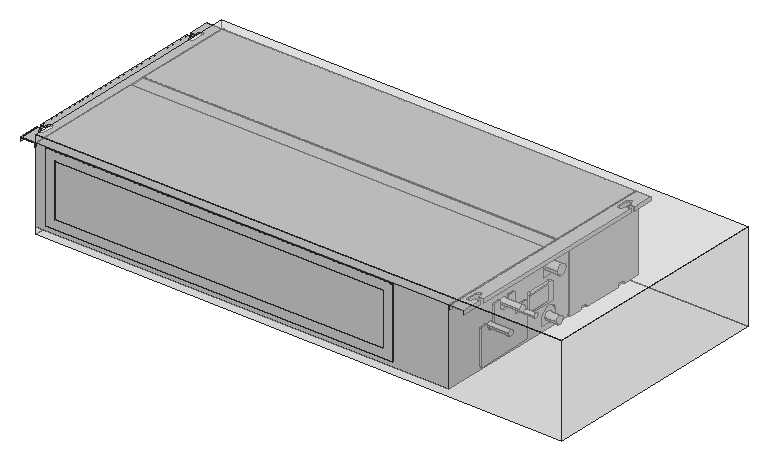
Revit family "outputfile", category 機械設備, Revit 2024
Family settings
  丸型コネクタ寸法 = 半径を使用
  パーツ タイプ = 標準
  OmniClass 番号 = 23.75.10.24.21.27.27
  OmniClass タイトル = Split System Air Conditioning Units
  作業面ベース = いいえ
  常に垂直 = はい
  ロード時にボイドで切り取り = いいえ
  注釈の向きを維持 = いいえ
  共有 = いいえ
  部屋計算ポイント = はい
Parameters (values of type "FPRAQ63APVM")
  Description = ""
  製造元 = "Daikin"
  書き出し IFC クラス(タイプ) = "IfcUnitaryEquipmentType"
  定義済み IFC タイプ(タイプ) = "AIRCONDITIONINGUNIT"
  Cost = 0
  モデル = "FPRAQ63APVM"
  Type Comments = ""
  Keynote = ""
  Type Image = (empty or 0)
  Assembly Code = ""
  r_HP/LP Gas Pipe Size = [HP/LP Gas Pipe Size] / 2  # 6.35 mm
  lw_suctionflange = 40.0 mm  # constant formula
  r_Liquid Pipe Size = Liquid Pipe Size / 2  # 4.75 mm
  r_Gas Pipe Size = Gas Pipe Size / 2  # 7.95 mm
  r_Drain Pipe Size = Drain Pipe Size / 2  # 13.0 mm
  lw_dischargeflange = 60.0 mm
  lw_SA_left = 551.0 mm
  lw_SA = Width - 178.0 mm  # 922.0 mm
  lw_RA = 1018.0 mm
  lw_HP/LP Gas = 60.0 mm  # constant formula
  lh_suctionflange [instance] = if(Rear Connection_Return Air, -100.0 mm, -10.0 mm)  # -100.0 mm
  lh_power = 100.0 mm  # constant formula
  lh_mountinghole1 = lh_mountinghole  # 200.0 mm
  lh_dischargeflange = 105.5 mm  # constant formula
  lh_RA = 198.0 mm  # constant formula
  lh_HP/LP Gas = -103.0 mm  # constant formula
  left_pipe = yes
  ld_dischargeflange = 310.0 mm  # constant formula
  ld_suctionflange [instance] = if(Rear Connection_Return Air, 190.0 mm, 100.0 mm)  # 190.0 mm
  ld_HP/LP Gas = 179.0 mm  # constant formula
  angle_vertical_RA [instance] = if(Rear Connection_Return Air, 90.00°, 0.00°)  # 90.00°
  angle horizontal_RA [instance] = if(Rear Connection_Return Air, 180.00°, 270.00°)  # 180.00°
  Voltage_comment_60Hz = "220-230"
  Voltage_comment_50Hz = "220 - 240"
  Voltage_60Hz = 220 V
  Voltage_50Hz = 230 V
  URL = ""
  Supply Air Direction [instance] = yes
  Sound Power Level_H speed (dB) = 0
  Rear Connection_Return Air [instance] = not(Bottom Connection_Return Air)  # yes
  ld_RA = 190.0 mm  # constant formula
  Phase_60Hz = 1
  Phase_50Hz = 1
  Minimum External Static Pressure = 0.00 Pa
  Minimum Circuit Amps_60Hz = 0.75 A
  Minimum Circuit Amps_50Hz = 0.75 A
  Maximum Fuse Amps_60Hz = 16.0 A
  Maximum Fuse Amps_50Hz = 16.0 A
  Maximum External Static Pressure = 10.00 Pa
  Material_Casing = DAIKIN_GalvanizedSteel_Casing_indoorunit
  lw_mountinghole = 1140.0 mm
  lh_gaspipe = -67.0 mm  # constant formula
  lh_mountinghole = 200.0 mm  # constant formula
  lh_liquidpipe = -103.0 mm  # constant formula
  lh_drainpipe = -50.0 mm  # constant formula
  lh_antena = 1.0 mm  # constant formula
  ld_drainpipe = 23.0 mm  # constant formula
  ld_liquidpipe = 89.0 mm  # constant formula
  ld_gaspipe = 134.0 mm  # constant formula
  ld_mountinghole = 500.0 mm  # constant formula
  h*** = 100.0 mm  # constant formula
  lw_liquidpipe = 54.5 mm  # constant formula
  lw_gaspipe = 54.5 mm  # constant formula
  lw_drainpipe = 33.0 mm  # constant formula
  Width = 1100.0 mm
  Version = "ver.1.0"
  Unit Type = "Moisture Control 3D Air Flow Ceiling Mounted Duct Type"
  Unit Mass Weight = 32.00 kg
  Unit Designation [instance] = ""
  Uniclass2015Version = "Products v1.30"
  Uniclass2015Title = "Variable refrigerant flow units"
  Uniclass2015Code = "Pr_70_65_03_94"
  Total Cooling Capacity [instance] = 0.000 kW
  Sound Pressure Level_M speed (dBA) = 33
  Sound Pressure Level_L speed (dBA) = 31
  Sound Pressure Level_H speed (dBA) = 37
  Series = "VRV HOME_Fan Coil Unit"
  Sensible Cooling Capacity [instance] = 0.000 kW
  SA Duct Size Width = 856.0 mm
  SA Duct Size Height = 141.0 mm
  Refrigerant Type = "R410A"
  RA Duct Size Width = 980.0 mm
  RA Duct Size Height = 160.0 mm
  Power Input (Cooling) = 0.072 kW
  Option Accessory 3 [instance] = ""
  Option Accessory 2 [instance] = ""
  Option Accessory 1 [instance] = ""
  Nominal Cooling Capacity = 7.100 kW
  Minimum Airflow = 780.00 m³/h
  Median Airflow = 900.00 m³/h
  Maximum Airflow = 1050.00 m³/h
  Load Classification = HVAC
  Liquid Pipe Size = 9.5 mm
  Link_Nested Family [instance] = ""
  IfcVersion = ""
  IfcExportType = "AIRCONDITIONINGUNIT"
  IfcExportAs = "IfcUnitaryEquipmentType"
  Height = 200.0 mm
  Heat Exchanger Type = "Cross Fin Coil"
  HP/LP Gas Pipe Size = 12.7 mm
  Gas Pipe Size = 15.9 mm
  Frequency_60Hz = 60 Hz
  Frequency_50Hz = 50 Hz
  Fan Type = "Sirocco Fan"
  Fan Drive = "Direct Drive"
  FCU Tag No. [instance] = ""
  Drain Pipe Size = 26.0 mm
  Design Supply Airflow [instance] = 0.00 m³/h
  Design Return Airflow [instance] = 0.00 m³/h
  Design External Static Pressure [instance] = 0.00 Pa
  Depth = 620.0 mm
  既定の高さ = 0.0 mm
  Cooling Entering Wet Bulb Temperature [instance] = 0.00 °C
  Cooling Entering Dry Bulb Temperature [instance] = 0.00 °C
  Cooling Ambient Wet Bulb Temperature [instance] = 0.00 °C
  Cooling Ambient Dry Bulb Temperature [instance] = 0.00 °C
  Clearance visibility [instance] = yes
  Clearance Top = 20.0 mm
  Clearance Right = 300.0 mm
  Clearance Rear = 0.0 mm
  Clearance Left = 0.0 mm
  Clearance Front = 0.0 mm
  Clearance Bottom = 20.0 mm
  Bottom Connection_Return Air [instance] = no
Reference planes
  plane 1 "Center (Front/Back)": y = 0
  plane 2 "h": z = 0
  plane 3 "Center (Left/Right)": x = 0
  plane 4 "Back": y = 310
  plane 5 "Front": y = -310
  plane 6 "Left": x = -550
  plane 7 "Reight": x = 550
  plane 8 "Top": z = 0
  plane 9 "Bottom": z = -200
  plane 10: z = 1.2
  plane 11: z = -2
  plane 12: y = -136.255
  plane 13: y = -88.831
  plane 14: x = -370
  plane 15 "lh_mountinghole": z = 0
  plane 16: z = -50
  plane 17: y = -250
  plane 18: y = 250
  plane 19 "ld_liquidpipe": y = -89
  plane 20 "ld_gaspipe": y = -134
  plane 21: y = -215
  plane 22 "ld_drainpipe": y = 23
  plane 23: x = -570
  plane 24: x = -550
  plane 25: x = 548.7
  plane 26: x = 583
  plane 27: x = 557
  plane 28: x = 560
  plane 29: x = 558
  plane 30: x = 570
  plane 31: y = 20
  plane 32: x = 580
  plane 33: x = 548
  plane 34: y = 310
  plane 35: y = -310
  plane 36: x = -550
  plane 37: x = 850
  plane 38: z = 20
  plane 39: z = -220
  plane 40: y = 335
  plane 41: z = -198
  plane 42: z = 205.102
  plane 43 "d_liquid_pipe": x = 604.5
  plane 44 "d_gas_pipe": x = 604.5
  plane 45 "ld_SA": y = -310
  plane 46: x = -350
  plane 47: x = -60
  plane 48: y = 500
  plane 49: z = -94.5
  plane 50: x = -549
  plane 51: z = -199
  plane 52: z = -1
  plane 53: y = 120
  plane 54: y = 110
  plane 55: z = -10
  plane 56 "RA_width": x = -40
  plane 57: y = 210
  plane 58 "RA_depth": y = 120
  plane 59: z = -100
  plane 60: x = -349
  plane 61: y = 309
  plane 62: x = 441.57
  plane 63: z = -30
  plane 64 "ld_HP/LP Gas": y = -179
  plane 65: x = 610
  plane 66: x = 530.5
  plane 67: y = 260.8
  plane 68 "h115": z = -84.79
  plane 69: y = 194.79
Forms (mm)
  Extrusion 1, solid, material "DAIKIN_GalvanizedSteel_Casing_indoorunit" <- "Material_Casing"
    sketch origin (0, 0, 0) x (1, 0, 0) y (0, 1, 0)
      loop
        line (-550, 310) -> (-550, -310) -> (550, -310) -> (550, 310) -> (-550, 310)
    from -200 to 0
  Extrusion 2, solid, material "DAIKIN_GalvanizedSteel_Casing_indoorunit" <- "Material_Casing"
    sketch origin (0, 0, 0) x (0, 1, 0) y (0, 0, 1)
      loop
        arc (22.012, -86.909) -> (21.133, -84.787) -> (19.012, -83.909) r 3
        line (19.012, -83.909) -> (-47.992, -83.909)
        arc (-47.992, -83.909) -> (-50.114, -84.788) -> (-50.992, -86.91) r 3
        line (-50.992, -86.91) -> (-50.992, -128.409)
        arc (-50.992, -128.409) -> (-50.114, -130.53) -> (-47.992, -131.409) r 3
        line (-47.992, -131.409) -> (19.012, -131.409)
        arc (19.012, -131.409) -> (21.133, -130.53) -> (22.012, -128.409) r 3
        line (22.012, -128.409) -> (22.012, -86.909)
    from 550 to 560
  Extrusion 3, void
    sketch origin (0, 0, 0) x (1, 0, 0) y (0, 1, 0)
      loop
        line (548.7, 48.53) -> (-550, 48.53) -> (-550, 6.27) -> (548.7, 6.27) -> (548.7, 48.53)
    from -2 to 0
  Extrusion 4, void
    sketch origin (0, 0, 0) x (0, 1, 0) y (0, 0, 1)
      loop
        line (-138.492, -87.409) -> (-138.492, -127.909) -> (9.612, -127.909) -> (9.612, -87.409) -> (-138.492, -87.409)
    from 558 to 560
  Extrusion 5, solid, material "DAIKIN_GalvanizedSteel_Casing_indoorunit" <- "Material_Casing"
    sketch origin (0, 0, 0) x (0, 1, 0) y (0, 0, 1)
      loop
        circle (20, -170) r 10
    from 550 to 580
  Extrusion 6, solid, material "DAIKIN_GalvanizedSteel_Casing_indoorunit" <- "Material_Casing"
    sketch origin (0, 0, 0) x (0, 1, 0) y (0, 0, 1)
      loop
        circle (23, -50) r 13
    from 548 to 583
  Extrusion 7, void
    sketch origin (0, 0, 0) x (0, 1, 0) y (0, 0, 1)
      loop
        arc (2.051, -70.461) -> (3.512, -73.988) -> (7.039, -75.449) r 4.988
        line (7.039, -75.449) -> (38.961, -75.449)
        arc (38.961, -75.449) -> (42.488, -73.988) -> (43.949, -70.461) r 4.988
        line (43.949, -70.461) -> (43.949, -34.039)
        arc (43.949, -34.039) -> (42.488, -30.512) -> (38.961, -29.051) r 4.988
        line (38.961, -29.051) -> (7.039, -29.051)
        arc (7.039, -29.051) -> (3.512, -30.512) -> (2.051, -34.039) r 4.988
        line (2.051, -34.039) -> (2.051, -70.461)
      loop
        arc (44.442, -169.501) -> (20.002, -145.061) -> (-4.438, -169.501) r 24.44
        line (-4.438, -169.501) -> (-4.438, -189.537) -> (44.442, -189.537) -> (44.442, -169.501)
    from 548 to 550
  Extrusion 8, solid
    sketch origin (0, 0, 0) x (0, 1, 0) y (0, 0, 1)
      loop
        circle (-89, -103) r 4.75
    from 550 to 604.5
  Extrusion 9, solid
    sketch origin (0, 0, 0) x (0, 1, 0) y (0, 0, 1)
      loop
        circle (-134, -67) r 7.95
    from 550 to 604.5
  Extrusion 10, solid, material "DAIKIN_GalvanizedSteel_Casing_indoorunit" <- "Material_Casing"
    sketch origin (0, 0, 0) x (1, 0, 0) y (0, 1, 0)
      loop
        circle (530.5, 260.8) r 17.5
    from -198 to -200
  Extrusion 11, void
    sketch origin (0, 0, 0) x (1, 0, 0) y (0, 0, 1)
      loop
        line (-549, -1) -> (-549, -199) -> (469, -199) -> (469, -1) -> (-549, -1)
    from -310 to -120
  Extrusion 12, void
    sketch origin (0, 0, 0) x (1, 0, 0) y (0, 1, 0)
      loop
        line (-549, 309) -> (-549, 111) -> (469, 111) -> (469, 309) -> (-549, 309)
    from -200 to -10
  Extrusion 13, solid, material "DAIKIN_GalvanizedSteel_Casing_indoorunit" <- "Material_Casing", visible <- "Rear Connection_Return Air"
    sketch origin (0, 0, 0) x (1, 0, 0) y (0, 1, 0)
      loop
        line (469, 309) -> (-549, 309) -> (-549, 111) -> (469, 111) -> (469, 309)
    from -200 to -199
  Extrusion 14, solid, material "DAIKIN_GalvanizedSteel_Casing_indoorunit" <- "Material_Casing", visible <- "Bottom Connection_Return Air"
    sketch origin (0, 0, 0) x (1, 0, 0) y (0, 0, 1)
      loop
        line (469, -1) -> (-549, -1) -> (-549, -199) -> (469, -199) -> (469, -1)
    from -310 to -300
  Extrusion 15, solid
    sketch origin (0, 0, 0) x (0, 1, 0) y (0, 0, 1)
      loop
        circle (-179, -103) r 6.35
    from 550 to 610
  Extrusion 16, solid, material "DAIKIN_GalvanizedSteel_Casing_indoorunit" <- "Material_Casing"
    sketch origin (0, 0, 0) x (0, 1, 0) y (0, 0, 1)
      loop
        arc (83.953, -195.012) -> (84.829, -197.128) -> (86.945, -198.005) r 2.993
        line (86.945, -198.005) -> (116.373, -198.005)
        arc (116.373, -198.005) -> (118.489, -197.128) -> (119.366, -195.012) r 2.993
        line (119.366, -195.012) -> (119.366, -188.29)
        arc (119.366, -188.29) -> (120.862, -186.794) -> (122.359, -188.29) r 1.496
        line (122.359, -188.29) -> (122.359, -190.333) -> (137.322, -190.333) -> (137.322, -188.29)
        arc (137.322, -188.29) -> (138.818, -186.794) -> (140.315, -188.29) r 1.496
        line (140.315, -188.29) -> (140.315, -195.012)
        arc (140.315, -195.012) -> (141.191, -197.128) -> (143.307, -198.005) r 2.993
        line (143.307, -198.005) -> (241.068, -198.005)
        arc (241.068, -198.005) -> (243.185, -197.128) -> (244.061, -195.012) r 2.993
        line (244.061, -195.012) -> (244.061, -188.29)
        arc (244.061, -188.29) -> (245.558, -186.794) -> (247.054, -188.29) r 1.496
        line (247.054, -188.29) -> (247.054, -190.333) -> (262.017, -190.333) -> (262.017, -188.29)
        arc (262.017, -188.29) -> (263.514, -186.794) -> (265.01, -188.29) r 1.496
        line (265.01, -188.29) -> (265.01, -195.012)
        arc (265.01, -195.012) -> (265.887, -197.128) -> (268.003, -198.005) r 2.993
        line (268.003, -198.005) -> (310, -198.005) -> (310, -22.445) -> (280.969, -22.445) -> (277.477, -25.937) -> (207.648, -25.937) -> (204.157, -22.445) -> (86.945, -22.445)
        arc (86.945, -22.445) -> (84.829, -23.322) -> (83.953, -25.438) r 2.993
        line (83.953, -25.438) -> (83.953, -195.012)
      loop
        arc (-116.44, -57.656) -> (-118.563, -58.535) -> (-119.443, -60.659) r 3.003
        line (-119.443, -60.659) -> (-119.443, -71.5)
        arc (-119.443, -71.5) -> (-134, -86.057) -> (-148.557, -71.5) r 14.557
        line (-148.557, -71.5) -> (-148.557, -60.659)
        arc (-148.557, -60.659) -> (-149.437, -58.535) -> (-151.56, -57.656) r 3.003
        line (-151.56, -57.656) -> (-164.073, -57.656)
        arc (-164.073, -57.656) -> (-166.196, -58.535) -> (-167.076, -60.659) r 3.003
        line (-167.076, -60.659) -> (-167.076, -103)
        arc (-167.076, -103) -> (-179.13, -115.055) -> (-191.185, -103) r 12.055
        line (-191.185, -103) -> (-191.185, -98.897)
        arc (-191.185, -98.897) -> (-192.064, -96.774) -> (-194.188, -95.894) r 3.003
        line (-194.188, -95.894) -> (-208.202, -95.894)
        arc (-208.202, -95.894) -> (-210.325, -96.774) -> (-211.205, -98.897) r 3.003
        line (-211.205, -98.897) -> (-211.205, -189.537) -> (-58.882, -189.537) -> (-58.882, -98.897)
        arc (-58.882, -98.897) -> (-59.762, -96.774) -> (-61.885, -95.894) r 3.003
        line (-61.885, -95.894) -> (-74.026, -95.894)
        arc (-74.026, -95.894) -> (-76.15, -96.774) -> (-77.029, -98.897) r 3.003
        line (-77.029, -98.897) -> (-77.029, -103)
        arc (-77.029, -103) -> (-88.977, -114.948) -> (-100.924, -103) r 11.948
        line (-100.924, -103) -> (-100.924, -60.659)
        arc (-100.924, -60.659) -> (-101.804, -58.535) -> (-103.927, -57.656) r 3.003
        line (-103.927, -57.656) -> (-116.44, -57.656)
    from 550 to 557
  Revolve 17, solid, material "DAIKIN_GalvanizedSteel_Casing_indoorunit" <- "Material_Casing", visible <- "left_pipe"
    sketch origin (0, 0, -84.79) x (0, 1, 0) y (-1, 0, 0)
      loop
        line (194.79, 550) -> (194.79, 565.7) -> (187.29, 565.7) -> (187.29, 558.7) -> (177.29, 558.7) -> (177.29, 550) -> (194.79, 550)
      axis (194.79, 565.7) -> (194.79, 550)
    angle from 0 to 360
Cuts and joins
  Extrusion 3, Extrusion 4, Extrusion 7, Extrusion 11, Extrusion 12 cuts Extrusion 1
  Extrusion 4 cuts Extrusion 2
  Extrusion 11 cuts Extrusion 6
Dimensions and locks
  "Height": plane 8 "Top" to plane 9 "Bottom"
  locked: plane 10 to plane 8 "Top" at 1.2
  locked: plane 8 "Top" to plane 11 at 2
  equal spacing: plane 17, plane 1 "Center (Front/Back)", plane 18
  "ld_mountinghole": plane 17 to plane 18
  "ld_gaspipe": plane 20 "ld_gaspipe" to plane 1 "Center (Front/Back)"
  "ld_liquidpipe": plane 19 "ld_liquidpipe" to plane 1 "Center (Front/Back)"
  equal spacing: plane 4 "Back", plane 1 "Center (Front/Back)", plane 5 "Front"
  "Depth": plane 4 "Back" to plane 5 "Front"
  locked: plane 12 to plane 1 "Center (Front/Back)" at 136.255
  locked: plane 12 to plane 13 at 47.425
  locked: plane 13 to plane 1 "Center (Front/Back)" at 88.831
  equal spacing: plane 6 "Left", plane 3 "Center (Left/Right)", plane 7 "Reight"
  "Width": plane 6 "Left" to plane 7 "Reight"
  "lw_drainpipe": plane 7 "Reight" to plane 26
  locked: plane 7 "Reight" to plane 27 at 7
  locked: plane 28 to plane 26 at 23
  locked: plane 29 to plane 26 at 25
  equal spacing: plane 23, plane 3 "Center (Left/Right)", plane 30
  "lw_mountinghole": plane 23 to plane 30
  locked: plane 7 "Reight" to plane 32 at 30
  locked: plane 33 to plane 7 "Reight" at 2
  "Clearance Left": plane 36 to plane 6 "Left"
  "Clearance Right": plane 7 "Reight" to plane 37
  "Clearance Rear": plane 34 to plane 4 "Back"
  "Clearance Front": plane 5 "Front" to plane 35
  "Clearance Top": plane 38 to plane 8 "Top"
  "Clearance Bottom": plane 9 "Bottom" to plane 39
  locked: plane 40 to plane 4 "Back" at 25
  locked: plane 25 to plane 7 "Reight" at 1.3
  locked: plane 41 to plane 9 "Bottom" at 2
  "lw_liquidpipe": plane 7 "Reight" to plane 43 "d_liquid_pipe"
  "lw_gaspipe": plane 7 "Reight" to plane 44 "d_gas_pipe"
  "lh_mountinghole": plane 15 "lh_mountinghole" to plane 9 "Bottom"
  "ld_suctionflange": plane 48 to plane 4 "Back"
  "lw_dischargeflange": plane 47 to plane 3 "Center (Left/Right)"
  "lh_dischargeflange": plane 49 to plane 9 "Bottom"
  locked: plane 8 "Top" to plane 52 at 1
  locked: plane 50 to plane 6 "Left" at 1
  locked: plane 51 to plane 9 "Bottom" at 1
  locked: plane 55 to plane 9 "Bottom" at 190
  locked: plane 4 "Back" to plane 53 at 190
  locked: plane 4 "Back" to plane 54 at 200
  locked: plane 4 "Back" to plane 57 at 100
  "lw_suctionflange": plane 56 "RA_width" to plane 3 "Center (Left/Right)"
  "ld_suctionflange": plane 4 "Back" to plane 58 "RA_depth"
  "lh_power": plane 59 to plane 9 "Bottom"
  locked: plane 46 to plane 60 at 1
  locked: plane 34 to plane 61 at 1
  locked: plane 8 "Top" to plane 63 at 30
  locked: plane 7 "Reight" to plane 62 at 108.43
  locked: plane 16 to plane 9 "Bottom" at 150
  locked: Extrusion 3 sketch curve to Extrusion 3 sketch curve at 42.26
  "ld_HP/LP Gas": plane 64 "ld_HP/LP Gas" to plane 1 "Center (Front/Back)"
  "ld_drainpipe": plane 1 "Center (Front/Back)" to plane 22 "ld_drainpipe"
  locked: plane 1 "Center (Front/Back)" to plane 31 at 20
  locked: Extrusion 5 sketch curve to plane 9 "Bottom" at 30
  Extrusion 15 sketch curve to plane 9 "Bottom" = 97.0 mm
  "lw_HP/LP Gas": plane 7 "Reight" to plane 65
  locked: Extrusion 9 sketch curve to plane 9 "Bottom" at 133
  locked: Extrusion 8 sketch curve to plane 9 "Bottom" at 97
  plane 66 to plane 7 "Reight" = 19.5 mm
  locked: plane 68 "h115" to plane 9 "Bottom" at 115.21
  locked: plane 4 "Back" to plane 69 at 115.21
  Revolve 17 sketch curve to plane 6 "Left" = 8.7 mm
  Revolve 17 sketch curve to plane 6 "Left" = 15.7 mm
  locked: plane 69 to Revolve 17 sketch curve at 17.5
  locked: plane 69 to Revolve 17 sketch curve at 7.5
  "ld_dischargeflange": plane 45 "ld_SA" to plane 1 "Center (Front/Back)"
  plane 4 "Back" to cut or joined group of Extrusion 1, Extrusion 3, Extrusion 4, Extrusion 7, Extrusion 11, Extrusion 12 = 261.47 mm
  plane 4 "Back" to plane 67 = 49.2 mm
  "Drain Pipe Size": diameter of Extrusion 6 sketch curve
  "Liquid Pipe Size": diameter of Extrusion 8 sketch curve
  "Gas Pipe Size": diameter of Extrusion 9 sketch curve
  "HP/LP Gas Pipe Size": diameter of Extrusion 15 sketch curve
  aligned and locked: level to plane 2 "h"
  aligned and locked: plane 8 "Top" to Extrusion 1
  aligned and locked: Extrusion 1 to plane 9 "Bottom"
  aligned and locked: Extrusion 3 to plane 11
  aligned and locked: plane 8 "Top" to Extrusion 3
  aligned and locked: Extrusion 2 to Extrusion 4
  aligned and locked: nested 3 to plane 20 "ld_gaspipe"
  aligned and locked: nested 4 to plane 19 "ld_liquidpipe"
  aligned and locked: nested 5 to plane 22 "ld_drainpipe"
  aligned and locked: nested 1 to plane 7 "Reight"
  aligned and locked: plane 6 "Left" to plane 24
  aligned and locked: Extrusion 3 sketch curve to plane 24
  aligned and locked: Extrusion 3 sketch curve to plane 25
  aligned and locked: cut or joined group of Extrusion 1, Extrusion 3, Extrusion 4, Extrusion 7, Extrusion 11, Extrusion 12 to plane 6 "Left"
  aligned and locked: plane 7 "Reight" to cut or joined group of Extrusion 1, Extrusion 3, Extrusion 4, Extrusion 7, Extrusion 11, Extrusion 12
  aligned and locked: plane 26 to Extrusion 6
  aligned and locked: Extrusion 6 to plane 26  (x2)
  aligned and locked: plane 7 "Reight" to nested 1
  aligned and locked: plane 28 to cut or joined group of Extrusion 2, Extrusion 4
  aligned and locked: cut or joined group of Extrusion 2, Extrusion 4 to plane 29
  aligned and locked: nested 2 to plane 6 "Left"
  aligned and locked: plane 31 to Extrusion 5 sketch curve
  aligned and locked: Extrusion 5 to plane 7 "Reight"
  aligned and locked: plane 32 to Extrusion 5
  aligned and locked: Extrusion 2 to plane 7 "Reight"
  aligned and locked: plane 7 "Reight" to Extrusion 7
  aligned and locked: plane 33 to Extrusion 7
  aligned and locked: plane 33 to Extrusion 6
  aligned and locked: plane 3 "Center (Left/Right)" to nested 6
  aligned and locked: plane 1 "Center (Front/Back)" to nested 6
  aligned and locked: plane 4 "Back" to cut or joined group of Extrusion 1, Extrusion 3, Extrusion 4, Extrusion 7, Extrusion 11, Extrusion 12
  aligned and locked: nested 7 to plane 35
  aligned and locked: plane 36 to nested 7
  aligned and locked: plane 37 to nested 7
  aligned and locked: nested 7 to plane 36
  aligned and locked: plane 34 to nested 7
  aligned and locked: plane 38 to nested 7
  aligned and locked: plane 39 to nested 7
  aligned and locked: Extrusion 8 to plane 7 "Reight"
  aligned and locked: plane 43 "d_liquid_pipe" to Extrusion 8
  aligned and locked: plane 20 "ld_gaspipe" to Extrusion 9 sketch curve
  aligned and locked: Extrusion 9 to plane 7 "Reight"
  aligned and locked: plane 44 "d_gas_pipe" to Extrusion 9
  aligned and locked: plane 44 "d_gas_pipe" to nested 3
  aligned and locked: plane 43 "d_liquid_pipe" to nested 4
  aligned and locked: plane 19 "ld_liquidpipe" to Extrusion 8 sketch curve
  aligned and locked: plane 15 "lh_mountinghole" to nested 2
  aligned and locked: plane 15 "lh_mountinghole" to nested 1
  aligned and locked: plane 30 to nested 8
  aligned and locked: plane 17 to nested 8
  aligned and locked: plane 30 to nested 11
  aligned and locked: plane 18 to nested 11
  aligned and locked: plane 23 to nested 9
  aligned and locked: plane 18 to nested 9
  aligned and locked: plane 23 to nested 10
  aligned and locked: plane 17 to nested 10
  aligned and locked: plane 47 to nested 12
  aligned and locked: plane 49 to nested 12
  aligned and locked: Extrusion 10 to plane 9 "Bottom"
  aligned and locked: nested 13 to plane 9 "Bottom"
  aligned and locked: plane 50 to Extrusion 11 sketch curve
  aligned and locked: Extrusion 11 sketch curve to plane 52
  aligned and locked: plane 51 to Extrusion 11 sketch curve
  aligned and locked: plane 4 "Back" to Extrusion 11
  aligned and locked: Extrusion 12 to plane 9 "Bottom"
  aligned and locked: plane 55 to Extrusion 12
  aligned and locked: Extrusion 13 sketch curve to cut or joined group of Extrusion 1, Extrusion 3, Extrusion 4, Extrusion 7, Extrusion 11, Extrusion 12
  aligned and locked: cut or joined group of Extrusion 1, Extrusion 3, Extrusion 4, Extrusion 7, Extrusion 11, Extrusion 12 to Extrusion 13 sketch curve
  aligned and locked: Extrusion 13 to plane 9 "Bottom"
  aligned and locked: Extrusion 11 to plane 53
  aligned and locked: Extrusion 14 sketch curve to cut or joined group of Extrusion 1, Extrusion 3, Extrusion 4, Extrusion 7, Extrusion 11, Extrusion 12  (x3)
  aligned and locked: plane 4 "Back" to Extrusion 14
  aligned and locked: Extrusion 13 to cut or joined group of Extrusion 1, Extrusion 3, Extrusion 4, Extrusion 7, Extrusion 11, Extrusion 12
  aligned and locked: plane 7 "Reight" to nested 5
  aligned and locked: plane 22 "ld_drainpipe" to nested 5
  aligned and locked: nested 2 to plane 1 "Center (Front/Back)"
  aligned and locked: plane 22 "ld_drainpipe" to Extrusion 6 sketch curve
  aligned and locked: plane 7 "Reight" to nested 17
  aligned and locked: plane 64 "ld_HP/LP Gas" to nested 17
  aligned and locked: plane 64 "ld_HP/LP Gas" to Extrusion 15 sketch curve
  aligned and locked: Extrusion 15 to plane 65
  aligned and locked: Extrusion 16 to plane 7 "Reight"
  aligned and locked: Extrusion 16 to plane 27
  aligned and locked: Extrusion 10 sketch curve to plane 67
  aligned and locked: plane 66 to Extrusion 10 sketch curve
  aligned and locked: plane 66 to nested 13
  aligned and locked: nested 13 to plane 67
  aligned and locked: nested 16 to Extrusion 13 sketch curve
  aligned and locked: plane 56 "RA_width" to nested 15
  aligned and locked: Extrusion 15 to plane 7 "Reight"
  aligned and locked: plane 56 "RA_width" to nested 16
  aligned and locked: Revolve 17 sketch curve to plane 69  (x2)
  aligned and locked: nested 15 to plane 58 "RA_depth"
  aligned and locked: plane 47 to nested 18
  aligned and locked: nested 18 to plane 49
  aligned and locked: plane 1 "Center (Front/Back)" to nested 12
  aligned and locked: plane 45 "ld_SA" to nested 18
  aligned and locked: plane 5 "Front" to Extrusion 1 sketch curve
Automatic sketch dimensions
  Extrusion 1 sketch curve to plane 6 "Left" = 0.0 mm
  Extrusion 1 sketch curve to plane 7 "Reight" = 0.0 mm
  Extrusion 1 sketch curve to plane 4 "Back" = 0.0 mm
  plane 6 "Left" to Extrusion 12 sketch curve = 1.0 mm
  Extrusion 12 sketch curve to plane 7 "Reight" = 81.0 mm
  Extrusion 12 sketch curve to plane 4 "Back" = 1.0 mm
  Extrusion 13 sketch curve to plane 4 "Back" = 1.0 mm
  plane 33 to Extrusion 14 sketch curve = 79.0 mm
  plane 33 to Extrusion 11 sketch curve = 79.0 mm
  plane 54 to Extrusion 12 sketch curve = 1.0 mm
  Extrusion 6 sketch curve to plane 16 = 0.0 mm
  Extrusion 2 sketch curve to Extrusion 2 sketch curve = 3.0 mm  (x5)
  Extrusion 2 sketch curve to plane 49 = 7.591 mm
  Extrusion 4 sketch curve to plane 49 = 7.091 mm
  Extrusion 4 sketch curve to plane 1 "Center (Front/Back)" = 9.612 mm
  plane 20 "ld_gaspipe" to Extrusion 4 sketch curve = 4.492 mm
  Extrusion 4 sketch curve to plane 59 = 27.909 mm
  plane 22 "ld_drainpipe" to Extrusion 2 sketch curve = 3.988 mm
  Extrusion 2 sketch curve to plane 59 = 28.409 mm
  Extrusion 2 sketch curve to plane 19 "ld_liquidpipe" = 41.008 mm
  plane 1 "Center (Front/Back)" to Extrusion 7 sketch curve = 4.438 mm
  Extrusion 7 sketch curve to plane 1 "Center (Front/Back)" = 2.051 mm
  plane 63 to Extrusion 7 sketch curve = 0.949 mm
  Extrusion 7 sketch curve to plane 1 "Center (Front/Back)" = 7.039 mm  (x2)
  plane 22 "ld_drainpipe" to Extrusion 7 sketch curve = 2.998 mm
  Extrusion 7 sketch curve to plane 22 "ld_drainpipe" = 15.961 mm  (x2)
  Extrusion 7 sketch curve to Extrusion 7 sketch curve = 4.988 mm
  Extrusion 7 sketch curve to plane 49 = 24.039 mm
  plane 41 to Extrusion 7 sketch curve = 28.499 mm
  plane 41 to Extrusion 7 sketch curve = 8.463 mm
  Extrusion 16 sketch curve to plane 21 = 3.795 mm  (x2)
  Extrusion 16 sketch curve to Extrusion 16 sketch curve = 3.003 mm  (x6)
  plane 49 to Extrusion 16 sketch curve = 1.394 mm  (x4)
  Extrusion 16 sketch curve to Extrusion 16 sketch curve = 0.0 mm  (x18)
  plane 49 to Extrusion 16 sketch curve = 4.397 mm  (x2)
  Extrusion 16 sketch curve to Extrusion 16 sketch curve = 14.014 mm
  Extrusion 16 sketch curve to plane 64 "ld_HP/LP Gas" = 0.13 mm
  plane 64 "ld_HP/LP Gas" to Extrusion 16 sketch curve = 11.924 mm
  Extrusion 16 sketch curve to Extrusion 16 sketch curve = 12.513 mm  (x2)
  plane 20 "ld_gaspipe" to Extrusion 16 sketch curve = 0.0 mm
  Extrusion 16 sketch curve to plane 59 = 3.0 mm  (x3)
  plane 19 "ld_liquidpipe" to Extrusion 16 sketch curve = 11.924 mm
  Extrusion 16 sketch curve to plane 19 "ld_liquidpipe" = 0.023 mm
  Extrusion 16 sketch curve to Extrusion 16 sketch curve = 12.141 mm
  plane 41 to Extrusion 16 sketch curve = 8.463 mm
  Extrusion 16 sketch curve to plane 19 "ld_liquidpipe" = 30.118 mm
  plane 63 to Extrusion 16 sketch curve = 4.562 mm
  Extrusion 16 sketch curve to plane 53 = 36.047 mm
  Extrusion 16 sketch curve to Extrusion 16 sketch curve = 2.993 mm  (x4)
  Extrusion 16 sketch curve to plane 41 = 0.005 mm  (x3)
  Extrusion 16 sketch curve to plane 53 = 3.627 mm
  Extrusion 16 sketch curve to plane 53 = 0.634 mm
  plane 53 to Extrusion 16 sketch curve = 0.862 mm
  Extrusion 16 sketch curve to Extrusion 16 sketch curve = 14.963 mm
  Extrusion 16 sketch curve to Extrusion 16 sketch curve = 1.496 mm  (x3)
  Extrusion 16 sketch curve to plane 57 = 5.843 mm
  Extrusion 16 sketch curve to plane 57 = 2.352 mm
  plane 18 to Extrusion 16 sketch curve = 8.932 mm
  plane 18 to Extrusion 16 sketch curve = 5.939 mm
  Extrusion 16 sketch curve to plane 18 = 12.017 mm
  plane 63 to Extrusion 16 sketch curve = 4.063 mm
  Extrusion 16 sketch curve to plane 18 = 27.477 mm
  Extrusion 16 sketch curve to Extrusion 16 sketch curve = 3.491 mm
  Extrusion 16 sketch curve to plane 4 "Back" = 0.0 mm
  Extrusion 16 sketch curve to Extrusion 16 sketch curve = 4.679 mm  (x2)
  Extrusion 16 sketch curve to Extrusion 16 sketch curve = 2.042 mm  (x4)
  Extrusion 16 sketch curve to plane 49 = 23.0 mm
  Extrusion 16 sketch curve to Extrusion 16 sketch curve = 10.841 mm  (x4)
  plane 63 to Extrusion 16 sketch curve = 7.555 mm
  Revolve 17 sketch curve to plane 6 "Left" = 0.0 mm
  plane 60 to Revolve 17 sketch curve = 53.3 mm
  Revolve 17 sketch curve to plane 14 = 10.7 mm
  Extrusion 3 sketch curve to plane 1 "Center (Front/Back)" = 6.27 mm
  radius of Extrusion 5 sketch curve = 10.0 mm
  radius of Extrusion 10 sketch curve = 17.5 mm
Nested families
  nested 1: "daikin_hangerfixture_FPRSQ-APVM" at (550, 0, 0), type "daikin_hangerfixture_FPRSQ-APVM"
  nested 2: "daikin_hangerfixture_FPRSQ-APVM" at (-550, 0, 0) x (-1, 0, 0) z (0, 0, 1), type "daikin_hangerfixture_FPRSQ-APVM"
  nested 3: "daikin_connector_rotate2" at (550, -134, -67) x (0, 1, 0) z (0, 0, 1), length <- "lw_gaspipe", built-in parameter 1001364 <- "lh_gaspipe", type "daikin_connector_rotate2"
    with radius 6.35 mm, length 54.5 mm, angle_vertical 90.00°
  nested 4: "daikin_connector_rotate2" at (550, -89, -103) x (0, 1, 0) z (0, 0, 1), length <- "lw_liquidpipe", built-in parameter 1001364 <- "lh_liquidpipe", type "daikin_connector_rotate2"
    with radius 3.2 mm, length 54.5 mm, angle_vertical 90.00°
  nested 5: "daikin_connector_rotate2" at (550, 23, -50) x (0, 1, 0) z (0, 0, 1), length <- "lw_drainpipe", built-in parameter 1001364 <- "lh_drainpipe", type "daikin_connector_rotate2"
    with radius 10.0 mm, length 33.0 mm, angle_vertical 90.00°
  nested 6: "daikin_△_symbolicline" at (0, 0, 200), built-in parameter 1001364 <- "Height", visible <- "Supply Air Direction", type "daikin_△_symbolicline"
    with length 200.0 mm
  nested 7: "daikin_clearancespace" at (150, 0, -99.881), visible <- "Clearance visibility", show <- "Clearance visibility", Link_Nested Family <- "Link_Nested Family", type "daikin_clearancespace"
    with width 1400.0 mm, show yes, height 240.0 mm, depth 620.0 mm, Link_Nested Family ""
  nested 8: "daikin_mountinghole" at (570, -250, -200), l_antenna <- "lh_antena", Link_Nested Family <- "Link_Nested Family", h_mountinghole <- "lh_mountinghole1", type "daikin_mountinghole"
    with show yes, l_antenna 1.0 mm, h_mountinghole 200.0 mm, Link_Nested Family ""
  nested 9: "daikin_mountinghole" at (-570, 250, -200), l_antenna <- "lh_antena", Link_Nested Family <- "Link_Nested Family", h_mountinghole <- "lh_mountinghole1", type "daikin_mountinghole"
    with show yes, l_antenna 1.0 mm, h_mountinghole 200.0 mm, Link_Nested Family ""
  nested 10: "daikin_mountinghole" at (-570, -250, -200), l_antenna <- "lh_antena", Link_Nested Family <- "Link_Nested Family", h_mountinghole <- "lh_mountinghole1", type "daikin_mountinghole"
    with show yes, l_antenna 1.0 mm, h_mountinghole 200.0 mm, Link_Nested Family ""
  nested 11: "daikin_mountinghole" at (570, 250, -200), l_antenna <- "lh_antena", Link_Nested Family <- "Link_Nested Family", h_mountinghole <- "lh_mountinghole1", type "daikin_mountinghole"
    with show yes, l_antenna 1.0 mm, h_mountinghole 200.0 mm, Link_Nested Family ""
  nested 12: "daikin_connector_rotate2" at (-60, 0, -94.5), length <- "ld_dischargeflange", type "daikin_connector_rotate2"
    with radius 10.0 mm, length 310.0 mm, angle_vertical 90.00°
  nested 13: "daikin_connector_rotate2" at (530.5, 260.8, -100) x (1, 0, 0) z (0, -1, 0), length <- "lh_power", type "daikin_connector_rotate2"
    with radius 10.0 mm, length 100.0 mm, angle_vertical 90.00°
  nested 14: "daikin_ductflange_FPRSQ-APVM2" at (-40, 310, -199), height <- "lh_RA", width <- "lw_RA", visible <- "Rear Connection_Return Air", type "daikin_ductflange_FPRSQ-APVM2"
    with width 1018.0 mm, height 198.0 mm, depth 8.188 mm
  nested 15: "daikin_connector_rotate3" at (-40, 120, -100), built-in parameter 1001364 <- "lh_suctionflange", length <- "ld_RA", angle_vertical <- "angle_vertical_RA", angle_horizontal <- "angle horizontal_RA", type "daikin_connector_rotate3"
    with show no, radius 10.0 mm, length 190.0 mm, angle_vertical 90.00°, angle_horizontal 180.00°
  nested 16: "daikin_ductflange_FPRSQ-APVM2" at (-40, 111, -200) x (1, 0, 0) z (0, 1, 0), width <- "lw_RA", height <- "lh_RA", visible <- "Bottom Connection_Return Air", type "daikin_ductflange_FPRSQ-APVM2"
    with width 1018.0 mm, height 198.0 mm, depth 562.323 mm
  nested 17: "daikin_connector_rotate2" at (550, -179, -103) x (0, 1, 0) z (0, 0, 1), length <- "lw_HP/LP Gas", built-in parameter 1001364 <- "lh_HP/LP Gas", type "daikin_connector_rotate2"
    with radius 4.8 mm, length 60.0 mm, angle_vertical 90.00°
  nested 18: "daikin_ductflange_FPRSQ-APVM3" at (-60, -310, -193.5), height <- "lh_RA", width <- "lw_SA", type "daikin_ductflange_FPRSQ-APVM3"
    with width 922.0 mm, height 198.0 mm, depth 1.0 mm
Connectors
  piping at (604.5, -134, -67), diameter 15.9, driven by "r_Gas Pipe Size"
    settings: on nested 3, index 3, connector inside diameter 609.6 mm, connector length 0.0 mm, flow factor 0, pipe flow 0.00 m³/h, pressure drop 0.0 Pa, fitting loss kfactor 0, connector angle 0.00°, fixture units 0, engagement length 0.0 mm, angle of deflection 0.00°, flow configuration 1, flow direction 2, fitting loss method 0, system type 29, joint type 0, gender type 0, connector reference index -1, connector utility 0, adjustable connector no, is connector primary yes, connector description "Refrigerant Gas Piping"
  piping at (604.5, -89, -103), diameter 9.5, driven by "r_Liquid Pipe Size"
    settings: on nested 4, index 4, connector inside diameter 609.6 mm, connector length 0.0 mm, flow factor 0, pipe flow 0.00 m³/h, pressure drop 0.0 Pa, fitting loss kfactor 0, connector angle 0.00°, fixture units 0, engagement length 0.0 mm, angle of deflection 0.00°, flow configuration 1, flow direction 1, fitting loss method 0, system type 29, joint type 0, gender type 0, connector reference index -1, connector utility 0, adjustable connector no, is connector primary no, connector description "Refrigerant Liquid Piping"
  piping at (583, 23, -50), diameter 26, driven by "r_Drain Pipe Size"
    settings: on nested 5, index 5, connector inside diameter 609.6 mm, connector length 0.0 mm, flow factor 0, pipe flow 0.00 m³/h, pressure drop 0.0 Pa, fitting loss kfactor 0, connector angle 0.00°, fixture units 0, engagement length 0.0 mm, angle of deflection 0.00°, flow configuration 1, flow direction 2, fitting loss method 4, system type 16, joint type 0, gender type 0, connector reference index -1, connector utility 0, adjustable connector no, is connector primary no, connector description "Condensate Drain Piping"
  electrical at (530.5, 260.8, -200), driven by "Load Classification"
    settings: on nested 13, index 12, voltage 0 V, apparent load 0 VA, apparent load phase1 0 VA, apparent load phase2 0 VA, apparent load phase3 0 VA, power factor 1, load classification "HVAC", number of poles 1, system type 30, power factor state 1, is connector primary yes, connector utility no, sub classification motor no, connector description "Power Supply"
  hvac at (-40, 310, -100), driven by "RA Duct Size Height", driven by "RA Duct Size Width"
    settings: on nested 15, index 13, duct flow 0.00 m³/h, flow factor 0, pres drop 0.00 Pa, loss coef 0, conn angle 0.00°, conn width 980.0 mm, conn height 160.0 mm, conn diameter 609.6 mm, duct sys type 2, conn prof type 1, flow config 0, flow direction 1, loss method 4, conn ref index -1, conn util no, is conn primary yes, conn desc "RA Duct"
  piping at (610, -179, -103), diameter 12.7, driven by "r_HP/LP Gas Pipe Size"
    settings: on nested 17, index 14, connector inside diameter 609.6 mm, connector length 0.0 mm, flow factor 0, pipe flow 0.00 m³/h, pressure drop 0.0 Pa, fitting loss kfactor 0, connector angle 0.00°, fixture units 0, engagement length 0.0 mm, angle of deflection 0.00°, flow configuration 1, flow direction 0, fitting loss method 0, system type 29, joint type 0, gender type 0, connector reference index -1, connector utility 0, adjustable connector no, is connector primary no, connector description "Refrigerant HP/LP Gas Piping"
  hvac at (-60, -310, -94.5), driven by "SA Duct Size Height", driven by "SA Duct Size Width"
    settings: on nested 12, index 15, duct flow 0.00 m³/h, flow factor 0, pres drop 0.00 Pa, loss coef 0, conn angle 0.00°, conn width 856.0 mm, conn height 141.0 mm, conn diameter 609.6 mm, duct sys type 1, conn prof type 1, flow config 0, flow direction 2, loss method 4, conn ref index -1, conn util no, is conn primary no, conn desc "SA Duct"
Definition of nested family "daikin_hangerfixture_FPRSQ-APVM"
  Parameters (values of type "daikin_hangerfixture_FXDSQ-AVM")
    width = 40.0 mm
    material = none
    height = 10.0 mm
    depth = 620.0 mm
    Default Elevation = 0.0 mm
  Reference planes
    plane 1 "Center (Front/Back)": y = 0
    plane 2: z = 0
    plane 3 "Center (Left/Right)": x = 0
    plane 4: y = 417.146
    plane 5: z = -1.6
    plane 6: x = 40
    plane 7: y = 310
    plane 8: y = -310
    plane 9: y = -313.5
    plane 10: y = 313.5
    plane 11: z = -10
    plane 12: x = 1.5
  Forms (mm)
    Extrusion 1, solid, material <- "material"
      sketch origin (0, 0, 0) x (1, 0, 0) y (0, 1, 0)
        loop
          line (12.981, 236.965) -> (12.981, 263.035)
          arc (12.981, 263.035) -> (20, 270.054) -> (27.019, 263.035) r 7.019
          line (27.019, 263.035) -> (27.019, 256.518) -> (40, 256.518) -> (40, 310) -> (0, 310) -> (0, -310) -> (40, -310) -> (40, -256.518) -> (27.019, -256.518) -> (27.019, -263.035)
          arc (27.019, -263.035) -> (20, -270.054) -> (12.981, -263.035) r 7.019
          line (12.981, -263.035) -> (12.981, -236.965)
          arc (12.981, -236.965) -> (20, -229.946) -> (27.019, -236.965) r 7.019
          line (27.019, -236.965) -> (27.019, -243.482) -> (40, -243.482) -> (40, 243.482) -> (27.019, 243.482) -> (27.019, 236.965)
          arc (27.019, 236.965) -> (20, 229.946) -> (12.981, 236.965) r 7.019
      from -1.6 to 0
    Extrusion 2, solid, material <- "material"
      sketch origin (0, 0, 0) x (0, 1, 0) y (0, 0, 1)
        loop
          line (310, -10) -> (310, 0) -> (-310, 0) -> (-310, -10) -> (310, -10)
      from 0 to 1.5
    Extrusion 3, solid, material <- "material"
      sketch origin (0, 0, 0) x (0, 1, 0) y (0, 0, 1)
        loop
          line (-310, -10) -> (-256.518, -10) -> (-256.518, 0) -> (-310, 0) -> (-310, -10)
        loop
          line (310, -10) -> (310, 0) -> (256.518, 0) -> (256.518, -10) -> (310, -10)
        loop
          line (-243.482, 0) -> (-243.482, -10) -> (243.482, -10) -> (243.482, 0) -> (-243.482, 0)
      from 38.442 to 40
  Cuts and joins
    joined: Extrusion 1, Extrusion 2, Extrusion 3
  Dimensions and locks
    "width": plane 3 "Center (Left/Right)" to plane 6
    "depth": plane 8 to plane 7
    equal spacing: plane 8, plane 1 "Center (Front/Back)", plane 7
    locked: plane 9 to plane 8 at 3.5
    locked: plane 7 to plane 10 at 3.5
    "height": level to plane 11
    locked: plane 12 to plane 3 "Center (Left/Right)" at 1.5
    locked: Extrusion 3 to plane 6 at 1.558
    aligned and locked: level to plane 2
    aligned and locked: level to Extrusion 1
    aligned and locked: Extrusion 1 to plane 5
    aligned and locked: level to Extrusion 2 sketch curve
    aligned and locked: plane 12 to Extrusion 2
    aligned and locked: level to Extrusion 3 sketch curve
    aligned and locked: plane 6 to cut or joined group of Extrusion 1, Extrusion 2, Extrusion 3
    aligned and locked: cut or joined group of Extrusion 1, Extrusion 2, Extrusion 3 to plane 11
  Automatic sketch dimensions
    Extrusion 2 sketch curve to plane 7 = 0.0 mm
    Extrusion 1 sketch curve to plane 3 "Center (Left/Right)" = 0.0 mm
    Extrusion 1 sketch curve to plane 6 = 0.0 mm  (x3)
    plane 8 to Extrusion 1 sketch curve = 0.0 mm
    plane 7 to Extrusion 1 sketch curve = 0.0 mm
    plane 12 to Extrusion 1 sketch curve = 11.481 mm  (x2)
    Extrusion 1 sketch curve to Extrusion 1 sketch curve = 7.019 mm  (x4)
    Extrusion 1 sketch curve to plane 8 = 46.965 mm
    Extrusion 1 sketch curve to Extrusion 1 sketch curve = 6.518 mm  (x4)
    Extrusion 1 sketch curve to Extrusion 1 sketch curve = 13.035 mm  (x2)
    plane 7 to Extrusion 1 sketch curve = 73.035 mm
    Extrusion 3 sketch curve to plane 8 = 0.0 mm
    Extrusion 3 sketch curve to level = 0.0 mm  (x2)
    Extrusion 3 sketch curve to plane 7 = 0.0 mm
    Extrusion 3 sketch curve to plane 8 = 53.482 mm
    Extrusion 3 sketch curve to Extrusion 3 sketch curve = 13.035 mm  (x2)
    plane 7 to Extrusion 3 sketch curve = 66.518 mm
    Extrusion 2 sketch curve to plane 8 = 0.0 mm
    Extrusion 2 sketch curve to plane 11 = 0.0 mm
    Extrusion 3 sketch curve to plane 11 = 0.0 mm  (x3)
Definition of nested family "daikin_clearancespace"
  Parameters (values of type "daikin_clearancespace")
    Description = "daikin_clearancespace"
    width [instance] = 1823.963 mm
    show [instance] = yes
    material = none
    height [instance] = 1359.762 mm
    depth [instance] = 880.0 mm
    Default Elevation = 0.0 mm
    Link_Nested Family [instance] = ""
  Reference planes
    plane 1 "Center (Front/Back)": y = 0
    plane 2 "Center (Elevation)": z = -0.119
    plane 3 "Center (Left/Right)": x = 0
    plane 4: y = 440
    plane 5: y = -440
    plane 6 "Right": x = 911.982
    plane 7 "Left": x = -911.982
    plane 8 "Top": z = 679.762
    plane 9 "Bottom": z = -680
  Forms (mm)
    Extrusion 1, solid, material <- "material", visible <- "show"
      sketch origin (0, 0, 0) x (1, 0, 0) y (0, 1, 0)
        loop
          line (-911.982, 440) -> (-911.982, -440) -> (911.982, -440) -> (911.982, 440) -> (-911.982, 440)
      from -680 to 679.762
  Lines and regions (mm)
    symbolic lines, visible <- "show"
      curve 1: line (911.982, 440, 0) -> (-911.982, 440, 0)
      curve 2: line (-911.982, 440, 0) -> (-911.982, -440, 0)
      curve 3: line (-911.982, -440, 0) -> (911.982, -440, 0)
      curve 4: line (911.982, -440, 0) -> (911.982, 440, 0)
      curve 5: line (911.982, 0, 679.762) -> (-911.982, 0, 679.762)
      curve 6: line (911.982, 0, -680) -> (911.982, 0, 679.762)
      curve 7: line (-911.982, 0, -680) -> (911.982, 0, -680)
      curve 8: line (-911.982, 0, 679.762) -> (-911.982, 0, -680)
      curve 9: line (0, 440, 679.762) -> (0, -440, 679.762)
      curve 10: line (0, -440, 679.762) -> (0, -440, -680)
      curve 11: line (0, 440, -680) -> (0, 440, 679.762)
      curve 12: line (0, -440, -680) -> (0, 440, -680)
  Dimensions and locks
    "width": plane 7 "Left" to plane 6 "Right"
    "depth": plane 4 to plane 5
    "height": plane 8 "Top" to plane 9 "Bottom"
    equal spacing: plane 7 "Left", plane 3 "Center (Left/Right)", plane 6 "Right"
    equal spacing: plane 4, plane 1 "Center (Front/Back)", plane 5
    equal spacing: plane 8 "Top", plane 2 "Center (Elevation)", plane 9 "Bottom"
    aligned and locked: level to plane 2 "Center (Elevation)"
    aligned and locked: Extrusion 1 sketch curve to plane 4
    aligned and locked: plane 7 "Left" to Extrusion 1 sketch curve
    aligned and locked: Extrusion 1 sketch curve to plane 5
    aligned and locked: Extrusion 1 sketch curve to plane 6 "Right"
    aligned and locked: plane 8 "Top" to Extrusion 1
    aligned and locked: curve 1 to Extrusion 1
    aligned and locked: curve 2 to Extrusion 1
    aligned and locked: curve 3 to Extrusion 1
    aligned and locked: curve 4 to Extrusion 1
    aligned and locked: curve 5 to Extrusion 1
    aligned and locked: curve 6 to Extrusion 1
    aligned and locked: curve 7 to Extrusion 1
    aligned and locked: curve 8 to Extrusion 1
    aligned and locked: curve 9 to Extrusion 1
    aligned and locked: curve 10 to Extrusion 1
    aligned and locked: curve 11 to Extrusion 1
    aligned and locked: curve 12 to Extrusion 1
    aligned and locked: Extrusion 1 to plane 9 "Bottom"
Definition of nested family "daikin_ductflange_FPRSQ-APVM2"
  Parameters (values of type "daikin_ductflange_FXDSQ-AVM2")
    width [instance] = 620.0 mm
    material = none
    height [instance] = 198.0 mm
    depth [instance] = 1.0 mm
    Default Elevation = 0.0 mm
  Reference planes
    plane 1 "Center (Front/Back)": y = 0
    plane 2: z = 0
    plane 3 "Center (Left/Right)": x = 0
    plane 4: x = -310
    plane 5: x = 310
    plane 6 "Top": z = 198
    plane 7: y = -1
    plane 8: z = 179
    plane 9: z = 19
    plane 10 "Center (Elevation)": z = 99
    plane 11: x = -291
    plane 12: x = 291
  Forms (mm)
    Extrusion 1, solid, material <- "material"
      sketch origin (0, 0, 0) x (1, 0, 0) y (0, 0, 1)
        loop
          line (-310, 198) -> (-310, 0) -> (310, 0) -> (310, 198) -> (-310, 198)
        loop
          line (-291, 179) -> (-291, 19) -> (291, 19) -> (291, 179) -> (-291, 179)
      from 0 to 1
  Dimensions and locks
    "height": plane 6 "Top" to plane 2
    "width": plane 4 to plane 5
    equal spacing: plane 4, plane 3 "Center (Left/Right)", plane 5
    Extrusion 1 sketch curve to Extrusion 1 sketch curve = 19.0 mm  (x4)
    "depth": plane 7 to plane 1 "Center (Front/Back)"
    locked: plane 6 "Top" to plane 8 at 19
    locked: plane 9 to plane 2 at 19
    equal spacing: plane 6 "Top", plane 10 "Center (Elevation)", plane 2
    locked: plane 11 to plane 4 at 19
    locked: plane 5 to plane 12 at 19
    aligned and locked: level to plane 2
    aligned and locked: Extrusion 1 sketch curve to plane 6 "Top"
    aligned and locked: plane 4 to Extrusion 1 sketch curve
    aligned and locked: Extrusion 1 sketch curve to plane 5
    aligned and locked: plane 2 to Extrusion 1 sketch curve
    aligned and locked: plane 11 to Extrusion 1
    aligned and locked: Extrusion 1 to plane 12
    aligned and locked: plane 9 to Extrusion 1
    aligned and locked: Extrusion 1 to plane 8
Definition of nested family "daikin_ductflange_FPRSQ-APVM3"
  Parameters (values of type "daikin_ductflange_FPRSQ-APVM3")
    width [instance] = 620.0 mm
    material = none
    height [instance] = 198.0 mm
    depth [instance] = 1.0 mm
    Default Elevation = 0.0 mm
  Reference planes
    plane 1 "Center (Front/Back)": y = 0
    plane 2: z = 0
    plane 3 "Center (Left/Right)": x = 0
    plane 4: x = -310
    plane 5: x = 310
    plane 6 "Top": z = 198
    plane 7: y = -1
    plane 8: z = 192.5
    plane 9: z = 5.5
    plane 10 "Center (Elevation)": z = 99
    plane 11: x = -287
    plane 12: x = 287
    plane 13: z = 28.5
    plane 14: z = 169.5
  Forms (mm)
    Extrusion 1, solid, material <- "material"
      sketch origin (0, 0, -785) x (1, 0, 0) y (0, 0, 1)
        loop
          line (-310, 977.5) -> (-310, 790.5) -> (310, 790.5) -> (310, 977.5) -> (-310, 977.5)
        loop
          line (-287, 954.5) -> (-287, 813.5) -> (287, 813.5) -> (287, 954.5) -> (-287, 954.5)
      from 0 to 1
  Dimensions and locks
    "height": plane 6 "Top" to plane 2
    "width": plane 4 to plane 5
    equal spacing: plane 4, plane 3 "Center (Left/Right)", plane 5
    "depth": plane 7 to plane 1 "Center (Front/Back)"
    equal spacing: plane 6 "Top", plane 10 "Center (Elevation)", plane 2
    locked: plane 11 to plane 4 at 23
    locked: plane 5 to plane 12 at 23
    locked: plane 13 to plane 9 at 23
    locked: plane 6 "Top" to plane 8 at 5.5
    locked: plane 8 to plane 14 at 23
    locked: plane 14 to plane 13 at 141
    aligned and locked: level to plane 2
    aligned and locked: plane 4 to Extrusion 1 sketch curve
    aligned and locked: Extrusion 1 sketch curve to plane 5
    aligned and locked: plane 11 to Extrusion 1  (x2)
    aligned and locked: Extrusion 1 to plane 12  (x2)
    aligned and locked: plane 5 to Extrusion 1
    aligned and locked: Extrusion 1 to plane 4
    aligned and locked: Extrusion 1 sketch curve to plane 8
    aligned and locked: Extrusion 1 sketch curve to plane 14
    aligned and locked: Extrusion 1 sketch curve to plane 13
    aligned and locked: Extrusion 1 sketch curve to plane 9
    aligned and locked: Extrusion 1 sketch curve to plane 12
    aligned and locked: plane 11 to Extrusion 1 sketch curve
Definition of nested family "daikin_connector_rotate2"
  Parameters (values of type "daikin_connector_rotate2")
    show_face = no
    radius [instance] = 10.0 mm
    length [instance] = 600.0 mm
    d_surface = 10.0 mm
    angle_vertical [instance] = 90.00°
    Default Elevation = 0.0 mm
  Reference planes
    plane 1 "Center (Front/Back)": y = 0
    plane 2: z = 0
    plane 3 "Center (Left/Right)": x = 0
  Forms (mm)
    Extrusion 1, solid, visible <- "show_face"
      sketch origin (0, -600, 0) x (1, 0, 0) y (0, 0, 1)
        loop
          circle (0, 0) r 10
      from 0 to -10
  Lines and regions (mm)
    reference lines
      curve 1: line (0, 0, 0) -> (0, -600, 0)
    symbolic lines
      curve 2: circle (0, 0, 0) r 5 normal (0, 0, 1)
    model lines, visible <- "show_face"
      curve 3: line (0, 0, 0) -> (0, -600, 0)
  Dimensions and locks
    "length": curve 1 to curve 1
    "length": curve 3 to curve 3
    "d_surface": Extrusion 1 to Extrusion 1
    "radius": radius of Extrusion 1 sketch curve
    "angle_vertical": angle curve 1 to plane 1 "Center (Front/Back)"
    "angle_vertical": angle curve 3 to plane 1 "Center (Front/Back)"
    aligned and locked: level to plane 2
    aligned and locked: plane 1 "Center (Front/Back)" to curve 1
    aligned and locked: plane 2 to curve 1
    aligned and locked: plane 1 "Center (Front/Back)" to curve 2
    aligned and locked: plane 3 "Center (Left/Right)" to curve 2
    aligned and locked: plane 1 "Center (Front/Back)" to curve 3
    aligned and locked: plane 2 to curve 3
    aligned and locked: Extrusion 1 to Extrusion 1
  Automatic sketch dimensions
    Extrusion 1 sketch curve to level = 0.0 mm
    Extrusion 1 sketch curve to plane 3 "Center (Left/Right)" = 0.0 mm
    radius of curve 2 = 5.0 mm
Definition of nested family "daikin_△_symbolicline"
  Parameters (values of type "daikin_△_symbolicline")
    length [instance] = 200.0 mm
    Default Elevation = 0.0 mm
  Reference planes
    plane 1 "Center (Front/Back)": y = 0
    plane 2: z = 0
    plane 3 "Center (Left/Right)": x = 0
  Lines and regions (mm)
    symbolic lines
      curve 1: line (0, -173.205, 0) -> (100, 0, 0)
      curve 2: line (100, 0, 0) -> (-100, 0, 0)
      curve 3: line (-100, 0, 0) -> (0, -173.205, 0)
  Dimensions and locks
    equal spacing: curve 3, plane 3 "Center (Left/Right)", curve 2
    "length": curve 3 to curve 2
    "length": curve 3 to curve 3
    "length": curve 1 to curve 1
    aligned and locked: level to plane 2
    aligned and locked: curve 2 to plane 1 "Center (Front/Back)"
    aligned and locked: plane 3 "Center (Left/Right)" to curve 3
Definition of nested family "daikin_mountinghole"
  Parameters (values of type "daikin_mountinghole")
    Default Elevation = 1219.2 mm
    Type Comments = "mountinghole"
    show [instance] = yes
    material = none
    l_centerline = 100.0 mm
    l_antenna [instance] = 100.0 mm
    h_mountinghole [instance] = 0.0 mm
    d_circle = 30.0 mm
    Link_Nested Family [instance] = ""
  Reference planes
    plane 1 "Center (Front/Back)": y = 0
    plane 2: z = 0
    plane 3 "Center (Left/Right)": x = 0
    plane 4: y = 50
    plane 5: x = -50
    plane 6: x = 50
    plane 7: y = -50
    plane 8 "h_mountinghole": z = 0
    plane 9: z = 100
  Lines and regions (mm)
    model lines, detail levels fine
      curve 1: circle (0, 0, 0) r 15 normal (0, 0, 1)
      curve 2: line (-50, 0, 0) -> (50, 0, 0)
      curve 3: line (0, 50, 0) -> (0, -50, 0)
    symbolic lines, detail levels fine
      curve 4: circle (0, 0, 0) r 15 normal (0, 0, 1)
      curve 5: line (-50, 0, 0) -> (50, 0, 0)
      curve 6: line (0, 50, 0) -> (0, -50, 0)
    model lines
      curve 7: line (0, 0, 100) -> (0, 0, 0)
  Dimensions and locks
    equal spacing: plane 4, plane 1 "Center (Front/Back)", plane 7
    "l_centerline": plane 4 to plane 7
    equal spacing: plane 5, plane 3 "Center (Left/Right)", plane 6
    "l_centerline": plane 5 to plane 6
    "l_antenna": plane 9 to plane 8 "h_mountinghole"
    "h_mountinghole": plane 8 "h_mountinghole" to plane 2
    "d_circle": diameter of curve 1
    "d_circle": diameter of curve 4
    aligned and locked: level to plane 2
    aligned and locked: plane 1 "Center (Front/Back)" to curve 1
    aligned and locked: plane 3 "Center (Left/Right)" to curve 1
    aligned and locked: plane 1 "Center (Front/Back)" to curve 2
    aligned and locked: curve 3 to plane 3 "Center (Left/Right)"
    aligned and locked: plane 6 to curve 2
    aligned and locked: plane 5 to curve 2
    aligned and locked: plane 4 to curve 3
    aligned and locked: plane 7 to curve 3
    aligned and locked: plane 1 "Center (Front/Back)" to curve 4
    aligned and locked: plane 3 "Center (Left/Right)" to curve 4
    aligned and locked: plane 6 to curve 5
    aligned and locked: plane 5 to curve 5
    aligned and locked: plane 1 "Center (Front/Back)" to curve 5
    aligned and locked: plane 4 to curve 6
    aligned and locked: plane 7 to curve 6
    aligned and locked: curve 6 to plane 3 "Center (Left/Right)"
    aligned and locked: curve 7 to plane 3 "Center (Left/Right)"
    aligned and locked: plane 9 to curve 7
    aligned and locked: plane 8 "h_mountinghole" to curve 7
Definition of nested family "daikin_connector_rotate3"
  Parameters (values of type "daikin_connector_rotate3")
    show [instance] = yes
    radius [instance] = 10.0 mm
    length [instance] = 600.0 mm
    angle_horizontal [instance] = 60.00°
    angle_vertical [instance] = 90.00°
    Default Elevation = 0.0 mm
  Reference planes
    plane 1 "Center (Front/Back)": y = 0
    plane 2: z = 0
    plane 3 "Center (Left/Right)": x = 0
  Dimensions and locks
    "angle_horizontal": angle plane 3 "Center (Left/Right)" to nested 1
    aligned and locked: level to plane 2
    aligned and locked: plane 1 "Center (Front/Back)" to nested 1  (x2)
    aligned and locked: plane 3 "Center (Left/Right)" to nested 1
  Nested families
    nested 1: "daikin_connector_rotate2" at (0, 0, 0) x (0.5, 0.866, 0) z (0, 0, 1), angle_vertical <- "angle_vertical", length <- "length", radius <- "radius", type "daikin_connector_rotate2"
      with radius 10.0 mm, length 600.0 mm, angle_vertical 90.00°
  Definition of nested family "daikin_connector_rotate2"
    Parameters (values of type "daikin_connector_rotate2")
      show_face = yes
      radius [instance] = 10.0 mm
      length [instance] = 600.0 mm
      d_surface = 10.0 mm
      angle_vertical [instance] = 90.00°
      Default Elevation = 0.0 mm
    Reference planes
      plane 1 "Center (Front/Back)": y = 0
      plane 2: z = 0
      plane 3 "Center (Left/Right)": x = 0
    Forms (mm)
      Extrusion 1, solid, visible <- "show_face"
        sketch origin (0, -600, 0) x (1, 0, 0) y (0, 0, 1)
          loop
            circle (0, 0) r 10
        from 0 to -10
    Lines and regions (mm)
      reference lines
        curve 1: line (0, 0, 0) -> (0, -600, 0)
      symbolic lines
        curve 2: circle (0, 0, 0) r 5 normal (0, 0, 1)
      model lines, visible <- "show_face"
        curve 3: line (0, 0, 0) -> (0, -600, 0)
    Dimensions and locks
      "length": curve 1 to curve 1
      "length": curve 3 to curve 3
      "d_surface": Extrusion 1 to Extrusion 1
      "radius": radius of Extrusion 1 sketch curve
      "angle_vertical": angle curve 1 to plane 1 "Center (Front/Back)"
      "angle_vertical": angle curve 3 to plane 1 "Center (Front/Back)"
      aligned and locked: level to plane 2
      aligned and locked: plane 1 "Center (Front/Back)" to curve 1
      aligned and locked: plane 2 to curve 1
      aligned and locked: plane 1 "Center (Front/Back)" to curve 2
      aligned and locked: plane 3 "Center (Left/Right)" to curve 2
      aligned and locked: plane 1 "Center (Front/Back)" to curve 3
      aligned and locked: plane 2 to curve 3
      aligned and locked: Extrusion 1 to Extrusion 1
    Automatic sketch dimensions
      Extrusion 1 sketch curve to level = 0.0 mm
      Extrusion 1 sketch curve to plane 3 "Center (Left/Right)" = 0.0 mm
      radius of curve 2 = 5.0 mm
